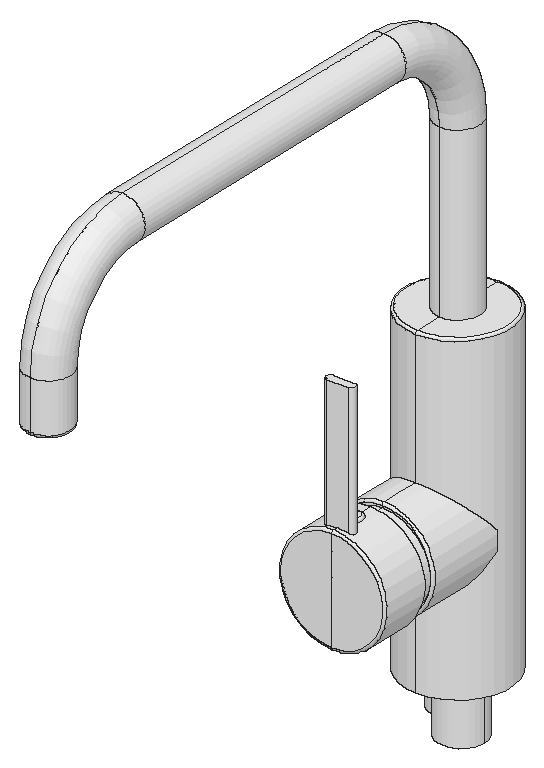
Revit family "Mixer-Sink-Caroma Liano", category Plumbing Fixtures, host Face, Revit 2014
Parameters (values of type "Standard")
  Width_ANZRS = 252 mm  # constant formula
  Waste Connection = no
  WELSRating_ANZRS = "WELS 4 Star rated, 7.5L/min"  # constant formula
  Vent Connection = no
  URL = "http://www.caroma.com.au/"
  Type Comments = "Caroma Liano Sink Mixer"  # constant formula
  ModifiedIssue_ANZRS = 20150105.01  # constant formula
  Model = "96135C4A"  # constant formula
  Material_ANZRS = Metal-Chrome-Caroma
  Manufacturer = "GWA Bathrooms & Kitchens"  # constant formula
  Length_ANZRS = 46 mm  # constant formula
  Height_ANZRS = 261.5 mm  # constant formula
  HWFU = 1.98  # constant formula
  HW Connection = yes
  Description = "Ceramic Disc Cartridge"  # constant formula
  Default Elevation = 0 mm
  CreatedBy_ANZRS = "Design Content"  # constant formula
  CreatedByURL_ANZRS = "www.designcontent.com.au"
  Cost = 0
  Connector Radius = 10 mm  # constant formula
  CWFU = 1.98  # constant formula
  CW Connection = yes
  Assembly Code = "D2020300"
Reference planes
  plane 1 "Center (Front/Back)": y = 0
  plane 2: z = 0
  plane 3 "Center (Left/Right)": x = 0
Forms (mm)
  Extrusion 1, solid, material "Metal-Chrome-Caroma" <- "Material_ANZRS"
    sketch origin (14.142, 0, 0) x (1, 0, 0) y (0, 1, 0)
      loop
        circle (-7.071, -7.071) r 10
    from -20 to 0
  Extrusion 2, solid, material "Metal-Chrome-Caroma" <- "Material_ANZRS"
    sketch origin (-14.142, 0, 0) x (-1, 0, 0) y (0, -1, 0)
      loop
        circle (-7.071, -7.071) r 10
    from -20 to 0
  Revolve 3, solid, material "Metal-Chrome-Caroma" <- "Material_ANZRS"
    sketch origin (0, 78.1, 59) x (0, 0, -1) y (0, -1, 0)
      loop
        line (0, 78.1) -> (22, 78.1) -> (22, 117.5)
        arc (22, 117.5) -> (21.707, 118.207) -> (21, 118.5) r 1
        line (21, 118.5) -> (20.214, 118.5) -> (20.214, 125.913)
        arc (20.214, 125.913) -> (18.63, 129.305) -> (16.482, 132.371) r 21.499
        line (16.482, 132.371) -> (0, 132.371) -> (0, 78.1)
      axis (0, 78.1) -> (0, 132.371)
    angle from 0 to 360
  Revolve 4, solid, material "Metal-Chrome-Caroma" <- "Material_ANZRS"
    sketch origin (0, 78.1, 59) x (0, 0, -1) y (0, -1, 0)
      loop
        line (-23, 124.6) -> (0, 124.6) -> (0, 145.6) -> (-22, 145.6)
        arc (-22, 145.6) -> (-22.707, 145.307) -> (-23, 144.6) r 1
        line (-23, 144.6) -> (-23, 124.6)
      axis (0, 124.6) -> (0, 145.6)
    angle from 0 to 360
  Extrusion 5, void
    sketch origin (0, 78.1, 59) x (0, 0, -1) y (0, -1, 0)
      loop
        line (-6.574, 124.024) -> (24.905, 124.024) -> (24.905, 126.778) -> (-6.574, 124.024)
    from -50 to 50
  Sweep 6, solid, material "Metal-Chrome-Caroma" <- "Material_ANZRS"
    path origin (0, 0, 0) x (0, 1, 0) y (0, 0, 1)
      loop
        line (0, 139) -> (0, 212)
        arc (0, 212) -> (-11.716, 240.284) -> (-40, 252) r 40
        line (-40, 252) -> (-180, 252)
        arc (-180, 252) -> (-208.284, 240.284) -> (-220, 212) r 40
        line (-220, 212) -> (-220, 190)
    profile origin (0, 0, 175.5) x (0, -1, 0) y (1, 0, 0)
      loop
        circle (0, 0) r 9.5
  Revolve 7, void
    sketch origin (0, -5, -1.3) x (0, 1, 0) y (0, 0, 1)
      loop
        line (-215, 187.781) -> (-215, 192.277) -> (-222.577, 192.277) -> (-222.577, 191.3) -> (-223.5, 191.3)
        arc (-223.5, 191.3) -> (-224.207, 191.593) -> (-224.5, 192.3) r 1
        line (-224.5, 192.3) -> (-225.733, 192.3) -> (-226.128, 187.781) -> (-215, 187.781)
      axis (-215, 192.3) -> (-215, 187.781)
    angle from 0 to 360
  Revolve 8, solid, material "Metal-Chrome-Caroma" <- "Material_ANZRS"
    sketch origin (0, 78.1, 59) x (0, 0, -1) y (0, -1, 0)
      loop
        line (59, 78.1) -> (-80, 78.1) -> (-80, 56.6)
        arc (-80, 56.6) -> (-79.707, 55.892) -> (-79, 55.6) r 1
        line (-79, 55.6) -> (59, 55.6) -> (59, 78.1)
      axis (-80, 78.1) -> (59, 78.1)
    angle from 0 to 360
  Extrusion 9, solid, material "Metal-Chrome-Caroma" <- "Material_ANZRS"
    sketch origin (0, 0, 0) x (1, 0, 0) y (0, 1, 0)
      loop
        line (-4.594, -64.4) -> (4.594, -64.4)
        arc (4.594, -64.4) -> (6.294, -62.7) -> (4.594, -61) r 1.7
        line (4.594, -61) -> (-4.594, -61)
        arc (-4.594, -61) -> (-6.294, -62.7) -> (-4.594, -64.4) r 1.7
    from 59 to 137.438
  Revolve 10, solid, material "Metal-Chrome-Caroma" <- "Material_ANZRS", detail levels fine
    sketch origin (0, 0, 0) x (0, 1, 0) y (0, 0, 1)
      loop
        line (-55.5, 83.468) -> (-55.5, 82) -> (-52.15, 82)
        arc (-52.15, 82) -> (-52.318, 82.701) -> (-52.904, 83.121) r 1.032
        arc (-52.904, 83.121) -> (-54.19, 83.381) -> (-55.5, 83.468) r 9.89
      axis (-55.5, 82) -> (-55.5, 83.468)
    angle from 0 to 360
Cuts and joins
  Extrusion 5 cuts Revolve 4
  Revolve 7 cuts Sweep 6
  joined: Revolve 3, Revolve 4, Sweep 6, Revolve 8, Extrusion 9
Lines and regions (mm)
  Masking region 1
    outline origin (0, 0, 0) x (1, 0, 0) y (0, 1, 0)
      loop
        line (-22.037, -4.54) -> (-22.037, -39.4)
        arc (-22.037, -39.4) -> (-21.744, -40.108) -> (-21.037, -40.4) r 1
        line (-21.037, -40.4) -> (-20.213, -40.4) -> (-20.213, -46.5) -> (-23, -46.5) -> (-23, -66.5)
        arc (-23, -66.5) -> (-22.707, -67.207) -> (-22, -67.5) r 1
        line (-22, -67.5) -> (-9.5, -67.5) -> (-9.5, -220)
        arc (-9.5, -220) -> (0, -229.5) -> (9.5, -220) r 9.5
        line (9.5, -220) -> (9.5, -67.5) -> (22, -67.5)
        arc (22, -67.5) -> (22.707, -67.207) -> (23, -66.5) r 1
        line (23, -66.5) -> (23, -46.5) -> (20.213, -46.5) -> (20.213, -40.4) -> (21.037, -40.4)
        arc (21.037, -40.4) -> (21.744, -40.108) -> (22.037, -39.4) r 1
        line (22.037, -39.4) -> (22.037, -4.54)
        arc (22.037, -4.54) -> (0, 22.5) -> (-22.037, -4.54) r 22.5
  Masking region 2
    outline origin (0, 0, 0) x (1, 0, 0) y (0, 0, 1)
      loop
        line (22.5, 0) -> (22.5, 138)
        arc (22.5, 138) -> (22.207, 138.707) -> (21.5, 139) r 1
        line (21.5, 139) -> (9.5, 139) -> (9.5, 252)
        arc (9.5, 252) -> (0, 261.5) -> (-9.5, 252) r 9.5
        line (-9.5, 252) -> (-9.5, 139) -> (-21.5, 139)
        arc (-21.5, 139) -> (-22.207, 138.707) -> (-22.5, 138) r 1
        line (-22.5, 138) -> (-22.5, 0) -> (22.5, 0)
  Masking region 3
    outline origin (0, 0, 0) x (0, 1, 0) y (0, 0, 1)
      loop
        line (9.5, 139) -> (9.5, 212)
        arc (9.5, 212) -> (-4.998, 247.002) -> (-40, 261.5) r 49.5
        line (-40, 261.5) -> (-180, 261.5)
        arc (-180, 261.5) -> (-215.002, 247.002) -> (-229.5, 212) r 49.5
        line (-229.5, 212) -> (-229.5, 190) -> (-210.5, 190) -> (-210.5, 212)
        arc (-210.5, 212) -> (-201.567, 233.567) -> (-180, 242.5) r 30.5
        line (-180, 242.5) -> (-40, 242.5)
        arc (-40, 242.5) -> (-18.433, 233.567) -> (-9.5, 212) r 30.5
        line (-9.5, 212) -> (-9.5, 139) -> (-21.5, 139)
        arc (-21.5, 139) -> (-22.207, 138.707) -> (-22.5, 138) r 1
        line (-22.5, 138) -> (-22.5, 81) -> (-39.4, 81)
        arc (-39.4, 81) -> (-40.108, 80.707) -> (-40.4, 80) r 1
        line (-40.4, 80) -> (-40.4, 79.214) -> (-46.5, 79.214) -> (-46.5, 82) -> (-61, 82) -> (-61, 137.438) -> (-64.4, 137.438) -> (-64.4, 82) -> (-66.506, 82)
        arc (-66.506, 82) -> (-67.213, 81.707) -> (-67.506, 81) r 1
        line (-67.506, 81) -> (-67.506, 37)
        arc (-67.506, 37) -> (-67.213, 36.293) -> (-66.506, 36) r 1
        line (-66.506, 36) -> (-48.512, 36) -> (-48.268, 38.786) -> (-40.4, 38.786) -> (-40.4, 38)
        arc (-40.4, 38) -> (-40.108, 37.293) -> (-39.4, 37) r 1
        line (-39.4, 37) -> (-22.5, 37) -> (-22.5, 0) -> (22.5, 0) -> (22.5, 138)
        arc (22.5, 138) -> (22.207, 138.707) -> (21.5, 139) r 1
        line (21.5, 139) -> (9.5, 139)
  symbolic lines, style "Taps/Mixers"
    curve 1: arc (-9.5, 0, 0) -> (0, 9.5, 0) -> (9.5, 0, 0) r 9.5
    curve 2: line (-9.5, 0, 0) -> (-9.5, -220, 0)
    curve 3: line (9.5, 0, 0) -> (9.5, -220, 0)
    curve 4: arc (-9.5, -220, 0) -> (0, -229.5, 0) -> (9.5, -220, 0) r 9.5
    curve 5: line (-21, -40.4, 0) -> (-9.5, -40.4, 0)
    curve 6: line (-9.5, -46.5, 0) -> (-23, -46.5, 0)
    curve 7: arc (9.5, -20.396, 0) -> (0, 22.5, 0) -> (-9.5, -20.396, 0) r 22.5
    curve 8: line (21, -40.4, 0) -> (9.5, -40.4, 0)
    curve 9: line (9.5, -46.5, 0) -> (23, -46.5, 0)
    curve 10: line (-9.5, 0, 139) -> (9.5, 0, 139)
    curve 11: circle (0, 0, 59) r 23 normal (0, -1, 0)
    curve 12: line (-6.294, 0, 81.122) -> (-6.294, 0, 136.438)
    curve 13: line (-5.294, 0, 137.438) -> (0, 0, 137.438)
    curve 14: arc (-6.294, 0, 136.438) -> (-6.001, 0, 137.145) -> (-5.294, 0, 137.438) r 1
    curve 15: line (6.294, 0, 81.122) -> (6.294, 0, 136.438)
    curve 16: line (5.294, 0, 137.438) -> (0, 0, 137.438)
    curve 17: arc (6.294, 0, 136.438) -> (6.001, 0, 137.145) -> (5.294, 0, 137.438) r 1
    curve 18: line (8.5, 0, 190) -> (-8.5, 0, 190)
    curve 19: arc (-9.5, 0, 191) -> (-9.207, 0, 190.293) -> (-8.5, 0, 190) r 1
    curve 20: arc (9.5, 0, 191) -> (9.207, 0, 190.293) -> (8.5, 0, 190) r 1
    curve 21: line (0, -21.5, 139) -> (0, 21.5, 139)
    curve 22: line (0, -22.5, 81) -> (0, -22.5, 37)
    curve 23: line (0, -40.4, 80) -> (0, -40.4, 38)
    curve 24: line (0, -46.5, 59) -> (0, -46.5, 82)
    curve 25: line (0, -46.5, 59) -> (0, -48.512, 36)
    curve 26: line (0, -61, 82) -> (0, -56.035, 82)
    curve 27: spline (0, -64.394, 81.537) -> (0, -64.346, 81.447) -> (0, -64.183, 81.363) -> (0, -63.915, 81.291) -> (0, -63.561, 81.236) -> (0, -63.146, 81.201) -> (0, -62.7, 81.189) -> (0, -62.254, 81.201) -> (0, -61.839, 81.236) -> (0, -61.485, 81.291) -> (0, -61.217, 81.363) -> (0, -61.054, 81.447) -> (0, -61.006, 81.537)
    curve 28: line (0, -61, 84.035) -> (0, -61, 81.621)
    curve 29: line (0, -64.4, 84.035) -> (0, -64.4, 81.556)
Dimensions and locks
  aligned and locked: plane 2 to host face
  aligned and locked: level to host face
Connectors
  piping at (7.071, -7.071, -20), diameter 20, driven by "Connector Radius", driven by "CWFU"
    settings: on Extrusion 1, index 5, connector inside diameter 0.7874", connector length 0 mm, flow factor 0, pipe flow 0 GPM, pressure drop 0.00 psi, fitting loss kfactor 0, connector angle 0.00°, fixture units 1.98, engagement length 0 mm, angle of deflection 0.00°, flow configuration 3, flow direction 1, fitting loss method 101, system type 20, joint type 0, gender type 0, connector reference index -1, connector utility 0, adjustable connector no, is connector primary yes, connector description ""
  piping at (-7.071, 7.071, -20), diameter 20, driven by "Connector Radius", driven by "HWFU"
    settings: on Extrusion 2, index 6, connector inside diameter 0.7874", connector length 0 mm, flow factor 0, pipe flow 0 GPM, pressure drop 0.00 psi, fitting loss kfactor 0, connector angle 0.00°, fixture units 1.98, engagement length 0 mm, angle of deflection 0.00°, flow configuration 3, flow direction 1, fitting loss method 101, system type 19, joint type 0, gender type 0, connector reference index -1, connector utility 0, adjustable connector no, is connector primary no, connector description ""
